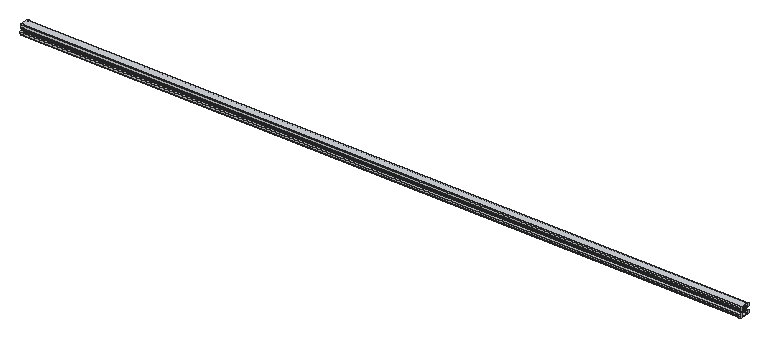
Revit family "43Z1.5x1.62 Web", category Structural Framing, Revit 2020
Family settings
  Section Shape = Not Defined
  Material for Model Behavior = Steel
  Always export as geometry = No
  OmniClass Number = 23.25.30.11.14.14
  OmniClass Title = Beams
  Always vertical = Yes
  Cut with Voids When Loaded = No
  Symbolic Representation = From Family
  Shared = No
  Show family pre-cut in plan views = Yes
Parameters
  Weight lbs per ft [instance] = 1.0939
  URL = "https://www.trussteel.com/details_files/pdf/ts010a.pdf"
  Total Member Weight lbs [instance] = Length / 1' 0" * Weight lbs per ft  # 10.939
  Structural Material = ASTM A653 SS Grade 40 G90
  Steel Design Thickness (in) [instance] = 0.0451
  Model = "43Z1.5x1.62"
  Manufacturer = "TrusSteel"
  Length [instance] = 10' - 0"
  Fy (ksi) [instance] = 40
  Fu (ksi) [instance] = 55
  Description = "Z Web"
  Cross Section Area (in2) [instance] = 0.3218
  Beam Width = 0' - 1 1/2"
  Beam Height = 0' - 1 5/8"
Reference planes (in)
  plane 1 "Center (Front/Back)": y = 0
  plane 2 "Center El.": z = 0
  plane 3 "Center (Left/Right)": x = 0
  plane 4 "Left": x = -60
  plane 5 "Right": x = 60
Forms (in)
  Extrusion 1, solid
    sketch origin (0, 0, 0) x (0, 1, 0) y (0, 0, 1)
      loop
        arc (0.6337, -0.8125) -> (0.71594, -0.77844) -> (0.75, -0.6962) r 0.1163
        line (0.75, -0.6962) -> (0.75, -0.3038)
        arc (0.75, -0.3038) -> (0.72765, -0.23524) -> (0.66918, -0.19304) r 0.1163
        line (0.66918, -0.19304) -> (-0.65564, 0.23606)
        arc (-0.65564, 0.23606) -> (-0.69128, 0.26192) -> (-0.7049, 0.3038) r 0.0712
        line (-0.7049, 0.3038) -> (-0.7049, 0.6962)
        arc (-0.7049, 0.6962) -> (-0.68405, 0.74655) -> (-0.6337, 0.7674) r 0.0712
        line (-0.6337, 0.7674) -> (0.6337, 0.7674)
        arc (0.6337, 0.7674) -> (0.68405, 0.74655) -> (0.7049, 0.6962) r 0.0712
        line (0.7049, 0.6962) -> (0.7049, 0.3038)
        arc (0.7049, 0.3038) -> (0.68405, 0.25345) -> (0.6337, 0.2326) r 0.0712
        line (0.6337, 0.2326) -> (0.375, 0.2326) -> (0.375, 0.1875) -> (0.6337, 0.1875)
        arc (0.6337, 0.1875) -> (0.71594, 0.22156) -> (0.75, 0.3038) r 0.1163
        line (0.75, 0.3038) -> (0.75, 0.6962)
        arc (0.75, 0.6962) -> (0.71594, 0.77844) -> (0.6337, 0.8125) r 0.1163
        line (0.6337, 0.8125) -> (-0.6337, 0.8125)
        arc (-0.6337, 0.8125) -> (-0.71594, 0.77844) -> (-0.75, 0.6962) r 0.1163
        line (-0.75, 0.6962) -> (-0.75, 0.3038)
        arc (-0.75, 0.3038) -> (-0.72776, 0.2354) -> (-0.66954, 0.19316) r 0.1163
        line (-0.66954, 0.19316) -> (0.65536, -0.23597)
        arc (0.65536, -0.23597) -> (0.6912, -0.2618) -> (0.7049, -0.3038) r 0.0712
        line (0.7049, -0.3038) -> (0.7049, -0.6962)
        arc (0.7049, -0.6962) -> (0.68405, -0.74655) -> (0.6337, -0.7674) r 0.0712
        line (0.6337, -0.7674) -> (-0.6337, -0.7674)
        arc (-0.6337, -0.7674) -> (-0.68405, -0.74655) -> (-0.7049, -0.6962) r 0.0712
        line (-0.7049, -0.6962) -> (-0.7049, -0.3038)
        arc (-0.7049, -0.3038) -> (-0.68405, -0.25345) -> (-0.6337, -0.2326) r 0.0712
        line (-0.6337, -0.2326) -> (-0.375, -0.2326) -> (-0.375, -0.1875) -> (-0.6337, -0.1875)
        arc (-0.6337, -0.1875) -> (-0.71594, -0.22156) -> (-0.75, -0.3038) r 0.1163
        line (-0.75, -0.3038) -> (-0.75, -0.6962)
        arc (-0.75, -0.6962) -> (-0.71594, -0.77844) -> (-0.6337, -0.8125) r 0.1163
        line (-0.6337, -0.8125) -> (0.6337, -0.8125)
    from -60 to 60
Dimensions and locks (in)
  equal spacing: plane 4 "Left", plane 3 "Center (Left/Right)", plane 5 "Right"
  "Length": plane 4 "Left" to plane 5 "Right"
  "Beam Width": Extrusion 1 to Extrusion 1
  "Beam Height": Extrusion 1 to Extrusion 1
  aligned and locked: level to plane 2 "Center El."
  aligned and locked: Extrusion 1 to plane 5 "Right"
  aligned and locked: plane 4 "Left" to Extrusion 1
Automatic sketch dimensions
  Extrusion 1 sketch curve to Extrusion 1 sketch curve = 0' - 0"  (x18)
  plane 1 "Center (Front/Back)" to Extrusion 1 sketch curve = 0' - 0 3/4"  (x2)
  Extrusion 1 sketch curve to Extrusion 1 sketch curve = 0' - 0.0451"  (x2)
  level to Extrusion 1 sketch curve = 0' - 0.19316"
  Extrusion 1 sketch curve to Extrusion 1 sketch curve = 0' - 0.03536"
  level to Extrusion 1 sketch curve = 0' - 0.23606"
  Extrusion 1 sketch curve to Extrusion 1 sketch curve = 0' - 0.0712"  (x4)
  Extrusion 1 sketch curve to Extrusion 1 sketch curve = 0' - 0.02194"
  Extrusion 1 sketch curve to Extrusion 1 sketch curve = 0' - 0.2587"  (x2)
  level to Extrusion 1 sketch curve = 0' - 0.2326"
  Extrusion 1 sketch curve to plane 1 "Center (Front/Back)" = 0' - 0 3/8"
  Extrusion 1 sketch curve to plane 1 "Center (Front/Back)" = 0' - 0.6337"
  Extrusion 1 sketch curve to level = 0' - 0.23597"
  Extrusion 1 sketch curve to Extrusion 1 sketch curve = 0' - 0.02166"
  Extrusion 1 sketch curve to level = 0' - 0.19304"
  Extrusion 1 sketch curve to Extrusion 1 sketch curve = 0' - 0.01382"
  Extrusion 1 sketch curve to level = 0' - 0.3038"
  Extrusion 1 sketch curve to Extrusion 1 sketch curve = 0' - 0.3924"  (x2)
